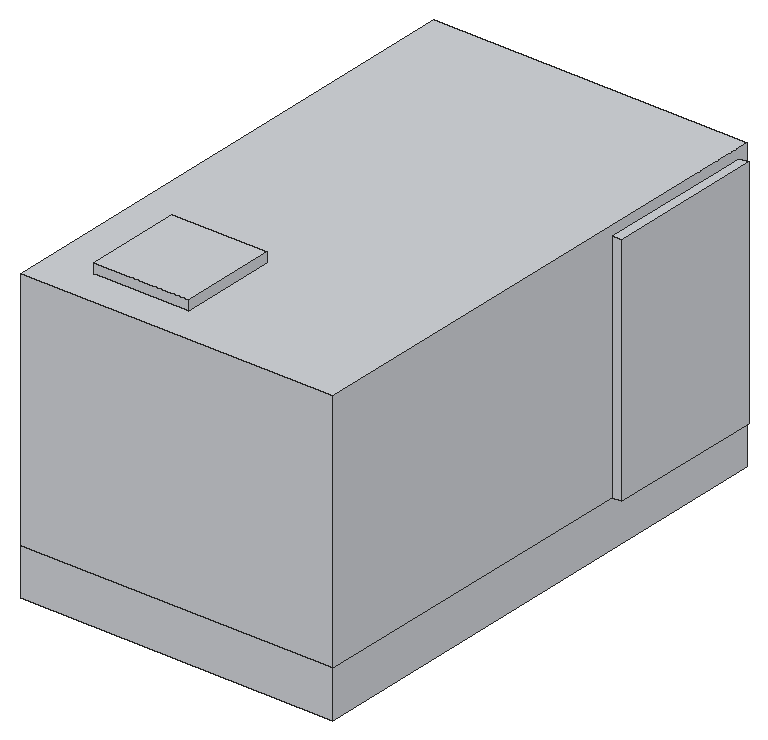
Revit family "Módulo de Ventilador - HDT - Descarga Vertical", category Equipamento mecânico, Revit 2019
Family settings
  Cota do conector redondo = Utilizar diâmetro
  Tipo de parte = Normal
  ID de item do Seek = AHU Fan Module - Front Discharge Up-0000-CAN-ENU
  Com base no plano de trabalho = Não
  Sempre na vertical = Sim
  Corte com vazios quando carregada = Não
  Compartilhado = Não
  Ponto de cálculo do ambiente = Não
Parameters (values of type "Padrão")
  Largura 1 = 406.4 mm
  Voltagem = 230 V
  Deslocamento da largura da torneira = 115 mm
  Largura da saída = 242 mm
  Altura da saída = 249 mm
  Classificação de carga = Refrigeração
  Largura interna = 800 mm
  Altura interna = 625 mm
  Deslocamento da altura de saída = 93 mm
  Largura do ventilador = 800 mm
  Material do ventilador = none
  Número de pólos = 1
  Comprimento do ventilador = 1325 mm
  Altura do ventilador = 745 mm
  Material base = none
  Altura base = 120 mm
  Carga aparente [instance] = 13000 VA
  Velocidade do ar [instance] = 2.55 m/s
  Queda de pressão do ar = 187.0 Pa
  Fluxo de ar [instance] = Velocidade do ar * Altura interna * Largura interna  # 1275.0 L/s
Reference planes
  plane 1 "Parte posterior": y = 0
  plane 2 "Inferior": z = 0
  plane 3 "Centro (direita/esquerda)": x = 0
  plane 4 "Esquerda": x = -400
  plane 5 "Direita": x = 400
  plane 6 "Parte frontal": y = -1325
  plane 7 "Superior": z = 745
  plane 8: x = -425.4
  plane 9: x = 425.4
  plane 10: y = -25.4
  plane 11: z = 719.6
  plane 12: z = 25.4
  plane 13: y = -1232
  plane 14: z = 770
  plane 15: z = 101.6
  plane 16: y = -228.6
  plane 17: x = -285
  plane 18: x = -43
  plane 19: y = -1350
  plane 20: y = -1232
  plane 21: y = -983
  plane 22 "Base": z = 120
  plane 23 "Centro (Frente/Trás)": y = -662.5
Forms (mm)
  Extrusion 1, solid, material <- "Material do ventilador"
    sketch origin (0, 0, 0) x (1, 0, 0) y (0, 1, 0)
      loop
        line (-400, 0) -> (-400, -1325) -> (400, -1325) -> (400, 0) -> (-400, 0)
    from 120 to 745
  Extrusion 2, solid, material <- "Material do ventilador"
    sketch origin (0, 0, 0) x (1, 0, 0) y (0, 1, 0)
      loop
        line (-425.4, -25.4) -> (-425.4, -431.8) -> (-400, -431.8) -> (-400, -25.4) -> (-425.4, -25.4)
      loop
        line (400, -25.4) -> (400, -431.8) -> (425.4, -431.8) -> (425.4, -25.4) -> (400, -25.4)
    from 120 to 719.6
  Extrusion 3, solid, material <- "Material do ventilador"
    sketch origin (0, 0, 0) x (0, 1, 0) y (0, 0, 1)
      loop
        circle (-228.6, 101.6) r 19.05
    from -425.4 to -400
  Extrusion 4, solid, material <- "Material do ventilador"
    sketch origin (0, 0, 745) x (1, 0, 0) y (0, 1, 0)
      loop
        line (-285, -983) -> (-285, -1232) -> (-43, -1232) -> (-43, -983) -> (-285, -983)
    from 0 to 25
  Extrusion 5, solid, material <- "Material base"
    sketch origin (0, 0, 0) x (1, 0, 0) y (0, 1, 0)
      loop
        line (-400, 0) -> (-400, -1325) -> (400, -1325) -> (400, 0) -> (-400, 0)
    from 0 to 120
Cuts and joins
  joined: Extrusion 1, Extrusion 2, Extrusion 3
Dimensions and locks
  "Largura do ventilador": plane 4 "Esquerda" to plane 5 "Direita"
  equal spacing: plane 4 "Esquerda", plane 3 "Centro (direita/esquerda)", plane 5 "Direita"
  "Comprimento do ventilador": plane 1 "Parte posterior" to plane 6 "Parte frontal"
  "Altura do ventilador": plane 2 "Inferior" to plane 7 "Superior"
  locked: plane 8 to plane 4 "Esquerda" at 25.4
  locked: plane 5 "Direita" to plane 9 at 25.4
  locked: plane 1 "Parte posterior" to plane 10 at 25.4
  locked: plane 11 to plane 7 "Superior" at 25.4
  locked: plane 2 "Inferior" to plane 12 at 25.4
  locked: plane 7 "Superior" to plane 14 at 25
  locked: plane 15 to plane 2 "Inferior" at 101.6
  plane 10 to plane 16 = 203.2 mm
  "Largura da saída": plane 17 to plane 18
  "Deslocamento da largura da torneira": plane 4 "Esquerda" to plane 17
  plane 13 to plane 6 "Parte frontal" = 93 mm
  locked: plane 6 "Parte frontal" to plane 19 at 25
  "Altura da saída": plane 21 to plane 20
  "Deslocamento da altura de saída": plane 20 to plane 6 "Parte frontal"
  "Altura base": plane 22 "Base" to level
  equal spacing: plane 6 "Parte frontal", plane 23 "Centro (Frente/Trás)", plane 1 "Parte posterior"
  radius of Extrusion 3 sketch curve = 19.05 mm
  aligned and locked: plane 4 "Esquerda" to Extrusion 1 sketch curve
  aligned and locked: plane 1 "Parte posterior" to Extrusion 1 sketch curve
  aligned and locked: plane 6 "Parte frontal" to Extrusion 1 sketch curve
  aligned and locked: Extrusion 1 sketch curve to plane 5 "Direita"
  aligned and locked: plane 7 "Superior" to Extrusion 1
  aligned and locked: plane 8 to Extrusion 2 sketch curve
  aligned and locked: Extrusion 2 sketch curve to plane 10  (x2)
  aligned and locked: Extrusion 2 sketch curve to plane 4 "Esquerda"
  aligned and locked: plane 5 "Direita" to Extrusion 2 sketch curve
  aligned and locked: Extrusion 2 sketch curve to plane 9
  aligned and locked: plane 11 to Extrusion 2
  aligned and locked: plane 15 to Extrusion 3 sketch curve
  aligned and locked: plane 16 to Extrusion 3 sketch curve
  aligned and locked: Extrusion 3 to plane 8
  aligned and locked: plane 4 "Esquerda" to Extrusion 3
  aligned and locked: plane 21 to Extrusion 4
  aligned and locked: Extrusion 4 to plane 18
  aligned and locked: plane 17 to Extrusion 4
  aligned and locked: Extrusion 4 to plane 20
  aligned and locked: Extrusion 2 to plane 22 "Base"
  aligned and locked: cut or joined group of Extrusion 1, Extrusion 2, Extrusion 3 to plane 22 "Base"
  aligned and locked: plane 7 "Superior" to cut or joined group of Extrusion 1, Extrusion 2, Extrusion 3
  aligned and locked: plane 22 "Base" to Extrusion 5
  aligned and locked: Extrusion 5 to plane 2 "Inferior"
Automatic sketch dimensions
  plane 16 to Extrusion 2 sketch curve = 203.2 mm  (x2)
  Extrusion 4 sketch curve to plane 13 = 0 mm
  Extrusion 4 sketch curve to plane 17 = 0 mm
  Extrusion 4 sketch curve to plane 18 = 0 mm
  Extrusion 4 sketch curve to plane 21 = 0 mm
  Extrusion 5 sketch curve to plane 4 "Esquerda" = 0 mm
  Extrusion 5 sketch curve to plane 5 "Direita" = 0 mm
  Extrusion 5 sketch curve to plane 6 "Parte frontal" = 0 mm
  plane 1 "Parte posterior" to Extrusion 5 sketch curve = 0 mm
Connectors
  electrical at (-425.4, -228.6, 101.6), driven by "Voltagem", driven by "Número de pólos", driven by "Carga aparente", driven by "Classificação de carga"
    settings: on Extrusion 3, index 3, voltage 230 V, apparent load 13000 VA, apparent load phase1 0 VA, apparent load phase2 0 VA, apparent load phase3 0 VA, power factor 0.8, load classification "Refrigeração", number of poles 1, system type 30, power factor state 1, is connector primary yes, connector utility no, sub classification motor no, connector description ""
  hvac at (-164, -1107.5, 770), driven by "Fluxo de ar", driven by "Altura da saída", driven by "Largura da saída", driven by "Queda de pressão do ar"
    settings: on Extrusion 4, index 4, duct flow 1275.0 L/s, flow factor 0, pres drop 187.0 Pa, loss coef 0, conn angle 0.00°, conn width 242 mm, conn height 249 mm, conn diameter 609.6 mm, duct sys type 1, conn prof type 1, flow config 0, flow direction 2, loss method 4, conn ref index 5, conn util no, is conn primary yes, conn desc "Saída de suprimento de ar"
  hvac at (0, 0, 432.5), driven by "Fluxo de ar", driven by "Altura interna", driven by "Largura interna"
    settings: on cut or joined group of Extrusion 1, Extrusion 2, Extrusion 3, index 5, duct flow 1275.0 L/s, flow factor 0, pres drop 0.0 Pa, loss coef 0, conn angle 0.00°, conn width 800 mm, conn height 625 mm, conn diameter 609.6 mm, duct sys type 2, conn prof type 1, flow config 0, flow direction 1, loss method 0, conn ref index 4, conn util no, is conn primary no, conn desc "Entrada de ar fresco"
Types in the file's own list only (18): name | Largura 1 | Deslocamento da largura da torneira | Largura da saída | Altura da saída | Largura interna | Altura interna | Deslocamento da altura de saída | Largura do ventilador | Comprimento do ventilador | Altura do ventilador | Queda de pressão do ar
  Para 0.24 metros quadrados de serpentina | 406 mm | 115 mm | 242 mm | 249 mm | 800 mm | 625 mm | 93 mm | 800 mm | 1325 mm | 745 mm | 300.0 Pa
  Para 0.31 metros quadrados de serpentina | 406 mm | 202 mm | 242 mm | 275 mm | 975 mm | 1205 mm | 116 mm | 975 mm | 1325 mm | 745 mm | 300.0 Pa
  Para 0.47 metros quadrados de serpentina | 406 mm | 377 mm | 242 mm | 275 mm | 1325 mm | 1205 mm | 116 mm | 1325 mm | 1325 mm | 745 mm | 300.0 Pa
  Para 0.67 metros quadrados de serpentina | 406 mm | 264 mm | 417 mm | 417 mm | 1325 mm | 1380 mm | 139 mm | 1325 mm | 1500 mm | 920 mm | 300.0 Pa
  Para 0.78 metros quadrados de serpentina | 406 mm | 351 mm | 417 mm | 417 mm | 1500 mm | 1555 mm | 139 mm | 1500 mm | 1675 mm | 920 mm | 300.0 Pa
  Para 0.98 metros quadrados de serpentina | 406 mm | 326 mm | 466 mm | 466 mm | 1500 mm | 1555 mm | 136 mm | 1500 mm | 1675 mm | 1095 mm | 300.0 Pa
  Para 1.13 metros quadrados de serpentina | 406 mm | 362 mm | 466 mm | 466 mm | 1675 mm | 1730 mm | 137 mm | 1675 mm | 1850 mm | 1095 mm | 300.0 Pa
  Para 1.57 metros quadrados de serpentina | 406 mm | 329 mm | 651 mm | 651 mm | 1850 mm | 1905 mm | 137 mm | 1850 mm | 2025 mm | 1270 mm | 300.0 Pa
  Para 1.88 metros quadrados de serpentina | 406 mm | 359 mm | 651 mm | 651 mm | 1675 mm | 1905 mm | 137 mm | 1675 mm | 2025 mm | 1620 mm | 500.0 Pa
  Para 2.12 metros quadrados de serpentina | 406 mm | 359 mm | 651 mm | 651 mm | 1850 mm | 1905 mm | 137 mm | 1850 mm | 2025 mm | 1620 mm | 500.0 Pa
  Para 2.44 metros quadrados de serpentina | 406 mm | 383 mm | 728 mm | 728 mm | 2025 mm | 2080 mm | 139 mm | 2025 mm | 2200 mm | 1795 mm | 500.0 Pa
  Para 2.88 metros quadrados de serpentina | 406 mm | 383 mm | 728 mm | 728 mm | 2025 mm | 2080 mm | 139 mm | 2025 mm | 2200 mm | 1970 mm | 500.0 Pa
  Para 3.17 metros quadrados de serpentina | 406 mm | 460 mm | 911 mm | 911 mm | 2200 mm | 2430 mm | 139 mm | 2200 mm | 2550 mm | 1970 mm | 500.0 Pa
  Para 3.46 metros quadrados de serpentina | 406 mm | 420 mm | 911 mm | 911 mm | 2375 mm | 2430 mm | 139 mm | 2375 mm | 2550 mm | 1970 mm | 500.0 Pa
  Para 3.86 metros quadrados de serpentina | 406 mm | 732 mm | 911 mm | 911 mm | 2375 mm | 2430 mm | 139 mm | 2375 mm | 2550 mm | 2145 mm | 500.0 Pa
  Para 4.19 metros quadrados de serpentina | 406 mm | 678 mm | 1020 mm | 1020 mm | 2375 mm | 2430 mm | 139 mm | 2375 mm | 2550 mm | 2320 mm | 500.0 Pa
  Para 5.25 metros quadrados de serpentina | 406 mm | 940 mm | 1020 mm | 1020 mm | 2900 mm | 2605 mm | 139 mm | 2900 mm | 2725 mm | 2320 mm | 500.0 Pa
  Para 6.16 metros quadrados de serpentina | 406 mm | 940 mm | 1020 mm | 1020 mm | 2900 mm | 2605 mm | 139 mm | 2900 mm | 2725 mm | 2670 mm | 500.0 Pa
